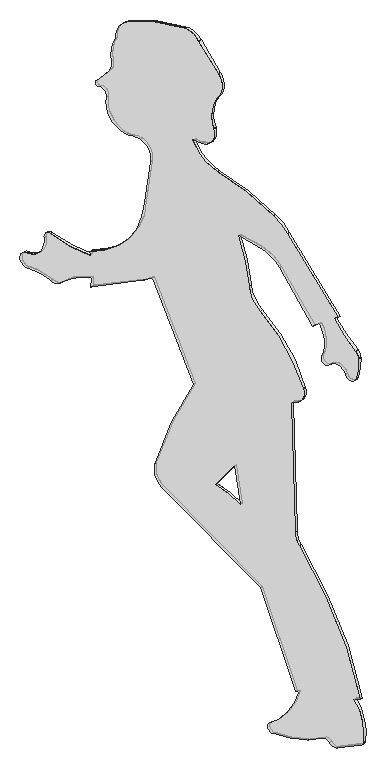
Revit family "Flat Boy 01", category Entourage, Revit 2015
Parameters
  Linework [instance] = yes
  Height = 0 mm
  Flat Material [instance] = none
Reference planes
  plane 1 "Center (Front/Back)": y = 0
  plane 2: z = 0
  plane 3 "Center (Left/Right)": x = 0
  plane 4: z = 1600
  plane 5: z = 1800
Forms (mm)
  Extrusion 1, solid, material <- "Flat Material"
    sketch origin (0, 0, 0) x (1, 0, 0) y (0, 0, 1)
      loop
        arc (75.073, 329.082) -> (75.081, 431.401) -> (67.746, 533.457) r 1424.919
        arc (67.746, 533.457) -> (73.532, 535.797) -> (79.299, 538.185) r 753.081
        arc (79.299, 538.185) -> (89.571, 548.74) -> (89.54, 563.468) r 19.513
        arc (89.54, 563.468) -> (58.41, 617.357) -> (13.022, 659.937) r 212.822
        arc (13.022, 659.937) -> (-0.552, 674.356) -> (-7.123, 693.04) r 47.815
        arc (-7.123, 693.04) -> (-14.329, 730.406) -> (-26.017, 766.622) r 312.749
        line (-26.017, 766.622) -> (12.234, 760.328)
        arc (12.234, 760.328) -> (30.884, 753.692) -> (46.032, 740.951) r 55.668
        line (46.032, 740.951) -> (106.303, 668.334)
        arc (106.303, 668.334) -> (111.912, 672.438) -> (117.573, 676.47) r 544.351
        arc (117.573, 676.47) -> (126.558, 652.279) -> (121.879, 626.9) r 48.552
        arc (121.879, 626.9) -> (124.655, 616.216) -> (135.647, 617.244) r 8.517
        arc (135.647, 617.244) -> (151.16, 622.318) -> (163.727, 611.902) r 16.897
        arc (163.727, 611.902) -> (173.609, 605.24) -> (183.36, 612.089) r 10.509
        arc (183.36, 612.089) -> (187.391, 628.454) -> (187.978, 645.299) r 81.681
        arc (187.978, 645.299) -> (186.338, 651.13) -> (182.504, 655.816) r 14.823
        arc (182.504, 655.816) -> (162.242, 673.82) -> (144.164, 694.014) r 237.569
        arc (144.164, 694.014) -> (147.872, 696.288) -> (151.599, 698.532) r 544.351
        line (151.599, 698.532) -> (60.985, 800.782)
        arc (60.985, 800.782) -> (49.394, 811.655) -> (36.007, 820.222) r 86.366
        arc (36.007, 820.222) -> (-12.689, 841.38) -> (-63.784, 855.818) r 395.11
        arc (-63.784, 855.818) -> (-89.869, 868.074) -> (-107.556, 890.829) r 61.783
        arc (-107.556, 890.829) -> (-97.175, 890.254) -> (-86.838, 891.381) r 63.502
        arc (-86.838, 891.381) -> (-71.594, 902.581) -> (-70.37, 921.457) r 22.386
        arc (-70.37, 921.457) -> (-73.379, 949.621) -> (-61.744, 975.446) r 54.089
        arc (-61.744, 975.446) -> (-55.295, 994.167) -> (-62.659, 1012.549) r 28.374
        arc (-62.659, 1012.549) -> (-79.936, 1032.238) -> (-96.723, 1052.346) r 1063.134
        arc (-96.723, 1052.346) -> (-109.103, 1061.654) -> (-124.36, 1064.328) r 33.176
        arc (-124.36, 1064.328) -> (-175.325, 1056.095) -> (-223.92, 1038.664) r 280.593
        arc (-223.92, 1038.664) -> (-239.974, 1024.516) -> (-245.824, 1003.931) r 37.954
        arc (-245.824, 1003.931) -> (-253.249, 985.521) -> (-252.813, 965.674) r 49.314
        arc (-252.813, 965.674) -> (-253.027, 956.066) -> (-257.771, 947.708) r 19.657
        line (-257.771, 947.708) -> (-279.865, 924.872)
        arc (-279.865, 924.872) -> (-280.52, 919.099) -> (-275.109, 916.987) r 4.763
        arc (-275.109, 916.987) -> (-264.977, 914.617) -> (-261.758, 904.723) r 10.595
        arc (-261.758, 904.723) -> (-250.422, 868.618) -> (-213.856, 858.873) r 39.246
        arc (-213.856, 858.873) -> (-190.695, 852.688) -> (-183.549, 829.806) r 24.838
        arc (-183.549, 829.806) -> (-189.514, 795.741) -> (-193.597, 761.4) r 628.254
        arc (-193.597, 761.4) -> (-214.903, 702.611) -> (-262.574, 662.145) r 121.785
        line (-262.574, 662.145) -> (-290.883, 648.672)
        arc (-290.883, 648.672) -> (-290.462, 645.889) -> (-290.076, 643.101) r 230.127
        arc (-290.076, 643.101) -> (-325.885, 644.412) -> (-360.824, 652.366) r 191.625
        arc (-360.824, 652.366) -> (-369.571, 650.642) -> (-372.591, 642.254) r 9.045
        arc (-372.591, 642.254) -> (-379.567, 617.266) -> (-403.314, 606.818) r 30.324
        arc (-403.314, 606.818) -> (-415.774, 594.298) -> (-402.532, 582.607) r 12.133
        arc (-402.532, 582.607) -> (-381.239, 582.2) -> (-360.56, 577.107) r 95.954
        arc (-360.56, 577.107) -> (-350.683, 576.212) -> (-341.681, 580.372) r 19.153
        arc (-341.681, 580.372) -> (-316.488, 596.768) -> (-288.165, 606.831) r 127.849
        arc (-288.165, 606.831) -> (-288.484, 599.349) -> (-289.047, 591.88) r 230.127
        line (-289.047, 591.88) -> (-196.704, 635.225)
        arc (-196.704, 635.225) -> (-188.201, 639.599) -> (-180.036, 644.575) r 132.264
        line (-180.036, 644.575) -> (-106.191, 501.308)
        arc (-106.191, 501.308) -> (-146.172, 427.865) -> (-175.492, 349.552) r 596.608
        arc (-175.492, 349.552) -> (-174.753, 331.234) -> (-162.984, 317.177) r 28.422
        arc (-162.984, 317.177) -> (-76.119, 266.642) -> (12.053, 218.424) r 3796.736
        line (12.053, 218.424) -> (74.84, 74.777)
        arc (74.84, 74.777) -> (77.798, 75.334) -> (80.753, 75.899) r 1082.29
        arc (80.753, 75.899) -> (61.061, 38.006) -> (29.552, 9.182) r 122.433
        arc (29.552, 9.182) -> (25.8, -0.688) -> (34.312, -6.936) r 8.719
        arc (34.312, -6.936) -> (80.943, -0.299) -> (124.511, 17.594) r 190.174
        arc (124.511, 17.594) -> (130.233, 18.437) -> (135.043, 15.226) r 8.05
        arc (135.043, 15.226) -> (141.317, 10.698) -> (149.049, 10.98) r 11.911
        arc (149.049, 10.98) -> (171.219, 20.31) -> (192.758, 31.012) r 383.888
        arc (192.758, 31.012) -> (195.113, 33.099) -> (196.291, 36.02) r 6.858
        arc (196.291, 36.02) -> (194.461, 69.647) -> (179.328, 99.728) r 82.367
        arc (179.328, 99.728) -> (184.837, 101.352) -> (190.337, 103.005) r 1082.29
        arc (190.337, 103.005) -> (148.647, 213.124) -> (81.87, 310.102) r 489.541
        arc (81.87, 310.102) -> (76.594, 318.92) -> (75.073, 329.082) r 26.477
      loop
        arc (-66.947, 354.708) -> (-44.111, 348.548) -> (-22.342, 339.297) r 171.134
        arc (-22.342, 339.297) -> (-28.339, 368.121) -> (-33.819, 397.046) r 1646.825
        arc (-33.819, 397.046) -> (-49.602, 375.266) -> (-66.947, 354.708) r 364.77
    from -2.5 to 2.5
Lines and regions (mm)
  model lines
    curve 1: line (0, 150, 0) -> (0, -150, 0)
    curve 2: line (-150, 0, 0) -> (150, 0, 0)
Dimensions and locks
  aligned and locked: level to plane 2
